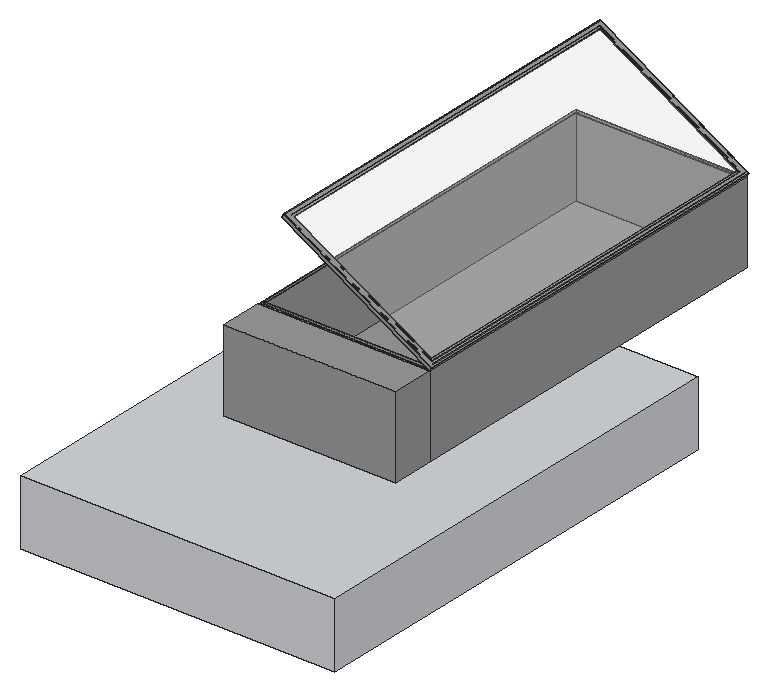
Revit family "Hager-Univers-IP55-D400-H2050-Cl.I-Steel_encl-DE-de", category Equipement électrique, Revit 2020
Family settings
  Hôte = Face
  Configuration du panneau = Deux colonnes, circuits au sein
  Cote de connecteur circulaire = Utiliser le diamètre
  Type d'élément = Tableau de raccordement
  Couper avec des vides une fois chargée = Non
  Partagée = Non
  Point de calcul de pièce = Non
Parameters (values of type "Bodenaufstellung IP55 B800 H2050 T400  - FR23V2")
  Width Control [instance] = if([EF000008 - Breite] > Min Width, [EF000008 - Breite], Min Width)  # 800 mm
  Commentaires du type = [HG000003 - Bereich]  # "Univers"
  Thickness Door [instance] = if([EF009171 - Materialstärke Tür/Deckel] > 3 mm, 3 mm, [EF009171 - Materialstärke Tür/Deckel])  # 1.5 mm
  Seal Frame Offset [instance] = 17 mm  # constant formula
  Plinth Visibility [instance] = [HG000027 - Sockelhöhe] > 0 mm  # yes
  Model = ""
  Min Width [instance] = 100 mm  # constant formula
  Min Height [instance] = 100 mm  # constant formula
  Min Depth [instance] = (2 * [EF009170 - Materialstärke Gehäuse]) + 1 mm  # 4 mm
  Internal Frame Depth [instance] = (Door System Depth * 0.5)  # 9 mm
  Height Control [instance] = if([EF000040 - Höhe] > Min Height, [EF000040 - Höhe], Min Height)  # 2050 mm
  HG000027 - Sockelhöhe = 200 mm
  HG000026 - Stehend auf dem Boden = yes
  HG000024 - Höhe des unteren Teils = 800 mm
  HG000023 - Gehäuse mit doppeltem Querschnitt = no
  HG000016 - 3D-Türsichtbarkeit [instance] = yes
  HG000015 - Sichtbarkeit der Türöffnung [instance] = no
  HG000014 - Tür rechts [instance] = yes
  HG000013 - Tür links [instance] = not([HG000014 - Tür rechts])  # no
  HG000012 - Türschwenkwinkel [instance] = 30.00°
  HG000010 - Asymmetrische Türen = no
  HG000009 - Doppelflügeligen Tür = no
  HG000006 - Unterputz = no
  HG000004 - Herstellerreferenz = "FR23V2"
  HG000003 - Bereich = "Univers"
  HG000002 - Mit tür = yes
  Frame Offset Bottom [instance] = 10 mm  # constant formula
  Frame Offset [instance] = 15 mm  # constant formula
  EF015940 - Deckel mit Überdruckentlastung = no
  EF011959 - Schutzart (NEMA) = ""
  EF009554 - Anzahl der Öffnungen für Flanschplatten = 6
  Fabricant = "Hager"  # constant formula
  EF009212 - Ausführung Deckel = "EV000116 - geschlossen"
  EF009171 - Materialstärke Tür/Deckel = 1.5 mm
  EF009170 - Materialstärke Gehäuse = 1.5 mm
  EF008873 - Nennstrom (In) = 800 A
  EF007800 - Geeignet für Blitzschutz = no
  EF006306 - Mit Schloss = no
  EF006244 - Transparenter Deckel/Tür = yes
  EF005474 - Schutzart (IP) = "EV006420 - IP55"
  EF004464 - Art der Tür = "EV002646 - Einzel"
  EF004427 - Anzahl der Module = 432
  EF004293 - Schlagfestigkeit = "EV008784 - IK10"
  EF003532 - Geeignet für Außengebrauch = no
  EF002950 - Breite in Teilungseinheiten = 24
  EF001613 - Funktionserhalt = "EV000494 - ohne"
  EF001596 - Werkstoff des Gehäuses = "EV000179 - Stahl"
  EF001131 - Innentiefe = 400 mm
  EF001088 - Anbaumöglichkeit = yes
  EF000437 - Anzahl der Leitungseinführungen = 6
  EF000339 - Art der Abdeckung = "EV004216 - Tür"
  EF000266 - Anzahl der Reihen = 12
  EF000218 - Einbautiefe = 0 mm
  EF000118 - Mit Montageplatte = no
  EF000116 - RAL-Nummer = "7035"
  EF000049 - Tiefe = 400 mm
  EF000040 - Höhe = 2050 mm
  EF000008 - Breite = 800 mm
  EF000007 - Farbe = "EV000270 - grau"
  EF000003 - Montageart = "EV012274 - Bodenaufstellung"
  Door System Leaf Tolerance [instance] = 1.5 mm  # constant formula
  Door System Depth [instance] = 18 mm  # constant formula
  Door Height [instance] = Height Control - [HG000027 - Sockelhöhe]  # 1850 mm
  Depth Control [instance] = if([EF000049 - Tiefe] > Min Depth, [EF000049 - Tiefe], Min Depth)  # 400 mm
  Default Elevation = 0 mm
  Connector Offset [instance] = Height Control / 2  # 1025 mm
  Bottom Top Plate Trim [instance] = 1.5 mm  # constant formula
  Plinth height Ctrl [instance] = if([HG000027 - Sockelhöhe] > 0 mm, [HG000027 - Sockelhöhe], 12 mm)  # 200 mm
Types (11, lengths in mm): name | Width Control | HG000010 - Asymmetrische Türen | HG000009 - Doppelflügeligen Tür | HG000004 - Herstellerreferenz | EF009554 - Anzahl der Öffnungen für Flanschplatten | EF006244 - Transparenter Deckel/Tür | EF004464 - Art der Tür | EF004427 - Anzahl der Module | EF000437 - Anzahl der Leitungseinführungen | EF000008 - Breite
  Bodenaufstellung IP55 B1050 H2050 T400  - FR24G2 | 1050 | yes | yes | "FR24G2" | 8 | no | "EV003602 - Doppel" | 576 | 8 | 1050
  Bodenaufstellung IP55 B1050 H2050 T400  - FR24V2 | 1050 | yes | yes | "FR24V2" | 8 | yes | "EV003602 - Doppel" | 576 | 8 | 1050
  Bodenaufstellung IP55 B1300 H2050 T400  - FR25G2 | 1300 | yes | yes | "FR25G2" | 10 | no | "EV003602 - Doppel" | 720 | 10 | 1300
  Bodenaufstellung IP55 B1300 H2050 T400  - FR25V2 | 1300 | yes | yes | "FR25V2" | 10 | yes | "EV003602 - Doppel" | 720 | 10 | 1300
  Bodenaufstellung IP55 B1550 H2050 T400  - FR26G2 | 1550 | yes | yes | "FR26G2" | 12 | no | "EV003602 - Doppel" | 864 | 12 | 1550
  Bodenaufstellung IP55 B1550 H2050 T400  - FR26V2 | 1550 | yes | yes | "FR26V2" | 12 | yes | "EV003602 - Doppel" | 864 | 12 | 1550
  Bodenaufstellung IP55 B300 H2050 T400  - FR21G2 | 300 | no | no | "FR21G2" | 2 | no | "EV002646 - Einzel" | 144 | 2 | 300
  Bodenaufstellung IP55 B550 H2050 T400  - FR22G2 | 550 | no | no | "FR22G2" | 4 | no | "EV002646 - Einzel" | 288 | 4 | 550
  Bodenaufstellung IP55 B550 H2050 T400  - FR22V2 | 550 | no | no | "FR22V2" | 4 | yes | "EV002646 - Einzel" | 288 | 4 | 550
  Bodenaufstellung IP55 B800 H2050 T400  - FR23G2 | 800 | no | no | "FR23G2" | 6 | no | "EV002646 - Einzel" | 432 | 6 | 800
  Bodenaufstellung IP55 B800 H2050 T400  - FR23V2 | 800 | no | no | "FR23V2" | 6 | yes | "EV002646 - Einzel" | 432 | 6 | 800
Reference planes
  plane 1 "Center (Front/Back)": y = 0
  plane 2: z = 0
  plane 3 "Center (Left/Right)": x = 0
  plane 4: z = 400
  plane 5: y = 201.5
  plane 6: y = 1125
  plane 7: y = 200
  plane 8: y = 2050
  plane 9: z = 0
  plane 10: x = -385
  plane 11: x = 385
  plane 12: x = 383.5
  plane 13: x = -383.5
  plane 14: y = 2048.5
  plane 15: x = -383
  plane 16: x = -400
  plane 17: x = 383
  plane 18: x = 400
  plane 19: x = 398.5
  plane 20: x = -398.5
  plane 21: y = 211.5
  plane 22: y = 2050
  plane 23: y = 2033.5
  plane 24: z = 382
  plane 25: z = 1.5
  plane 26: z = 380.5
  plane 27: z = 398.5
Forms (mm)
  Extrusion 1, solid
    sketch origin (0, 0, 0) x (1, 0, 0) y (0, 1, 0)
      loop
        line (-702.964, 1305) -> (-702.964, -811.445) -> (766.763, -811.445) -> (766.763, 1305) -> (-702.964, 1305)
    from 0 to -304.8
  Extrusion 2, solid, material "Hager_Steel_RAL7035_Light_Grey", visible <- "Plinth Visibility", detail levels medium+fine
    sketch origin (0, 0, 0) x (1, 0, 0) y (0, 1, 0)
      loop
        line (-400, 0) -> (400, 0) -> (400, 200) -> (-400, 200) -> (-400, 0)
    from 0 to 382
  Extrusion 3, solid, material "Hager_Steel_RAL7035_Light_Grey", detail levels medium+fine
    sketch origin (0, 0, 0) x (1, 0, 0) y (0, 1, 0)
      loop
        line (-400, 200) -> (400, 200) -> (400, 2050) -> (-400, 2050) -> (-400, 200)
    from 0 to 382
  Extrusion 4, void
    sketch origin (0, 0, 0) x (1, 0, 0) y (0, 1, 0)
      loop
        line (-398.5, 201.5) -> (398.5, 201.5) -> (398.5, 2048.5) -> (-398.5, 2048.5) -> (-398.5, 201.5)
    from 1.5 to 380.5
  Extrusion 5, void
    sketch origin (-381.607, -4572, 382) x (0, -1, 0) y (-1, 0, 0)
      loop
        line (-4783.5, 1.893) -> (-6605.5, 1.893) -> (-6605.5, -765.107) -> (-4783.5, -765.107) -> (-4783.5, 1.893)
    from 0 to 1.5 <- "EF009170 - Materialstärke Gehäuse"
  Extrusion 6, solid, material "Hager_Steel_RAL7035_Light_Grey", detail levels fine
    sketch origin (0, 0, 382) x (1, 0, 0) y (0, 1, 0)
      loop
        line (-383.5, 2033.5) -> (-383.5, 211.5) -> (383.5, 211.5) -> (383.5, 2033.5) -> (-383.5, 2033.5)
      loop
        line (-385, 210) -> (385, 210) -> (385, 2035) -> (-385, 2035) -> (-385, 210)
    from 0 to 9 <- "Internal Frame Depth"
  Extrusion 7, solid, material "Hager_Steel_RAL7035_Light_Grey", detail levels coarse
    sketch origin (0, 0, 0) x (1, 0, 0) y (0, 1, 0)
      loop
        line (-400, 0) -> (400, 0) -> (400, 2050) -> (-400, 2050) -> (-400, 0)
    from 0 to 400
  Sweep 8, void
    path in 3D
      loop
        line (-400, 200, 0) -> (400, 200, 0) -> (400, 200, 382) -> (-400, 200, 382) -> (-400, 200, 0)
    profile origin (-400, 200, 191) x (-1, 0, 0) y (0, -1, 0)
      loop
        line (0, 0) -> (0, 1.5) -> (-1.5, 1.5)
        arc (-1.5, 1.5) -> (-1.061, 0.439) -> (0, 0) r 1.5
Cuts and joins
  Extrusion 4, Extrusion 5 cuts Extrusion 3
  Sweep 8 cuts Extrusion 2
Lines and regions (mm)
  Masking region 1
    outline origin (0, 0, 0) x (1, 0, 0) y (0, 0, 1)
      loop
        line (-400, 400) -> (-400, 0) -> (400, 0) -> (400, 400) -> (-400, 400)
  Masking region 2, detail levels medium+fine
    outline origin (0, 140, 0) x (0, 1, 0) y (0, 0, 1)
      loop
        line (60, 0) -> (1910, 0) -> (1910, 382) -> (60, 382) -> (60, 0)
  Masking region 3, not visible, detail levels medium+fine
    outline origin (0, 297.922, 0) x (0, 1, 0) y (0, 0, 1)
      loop
        line (838.578, 0) -> (878.578, 0) -> (878.578, 388.5)
        arc (878.578, 388.5) -> (875.649, 395.571) -> (868.578, 398.5) r 10
        line (868.578, 398.5) -> (838.578, 398.5) -> (838.578, 0)
  Masking region 4, detail levels coarse
    outline origin (0, 0, 180) x (0, 1, 0) y (0, 0, 1)
      loop
        line (0, -180) -> (2050, -180) -> (2050, 220) -> (0, 220) -> (0, -180)
  Masking region 5, visible <- "Plinth Visibility", detail levels medium+fine
    outline origin (0, 52.24, 12.345) x (0, 0, -1) y (0, 1, 0)
      loop
        line (10.845, 147.76) -> (-368.155, 147.76)
        arc (-368.155, 147.76) -> (-368.594, 146.699) -> (-369.655, 146.26) r 1.5
        line (-369.655, 146.26) -> (-369.655, -52.24) -> (12.345, -52.24) -> (12.345, 146.26)
        arc (12.345, 146.26) -> (11.285, 146.699) -> (10.845, 147.76) r 1.5
  Masking region 6, detail levels medium+fine
    outline origin (-381.607, -4572, 382) x (-1, 0, 0) y (0, -1, 0)
      loop
        line (18.393, -6622) -> (18.393, -4772) -> (-781.607, -4772) -> (-781.607, -6622) -> (18.393, -6622)
  Masking region 7, visible <- "Plinth Visibility", detail levels medium+fine
    outline origin (-381.607, -4727, 382) x (-1, 0, 0) y (0, -1, 0)
      loop
        arc (16.893, -4927) -> (17.332, -4925.939) -> (18.393, -4925.5) r 1.5
        line (18.393, -4925.5) -> (18.393, -4727) -> (-781.607, -4727) -> (-781.607, -4925.5)
        arc (-781.607, -4925.5) -> (-780.546, -4925.939) -> (-780.107, -4927) r 1.5
        line (-780.107, -4927) -> (16.893, -4927)
  Masking region 8, detail levels coarse
    outline origin (-442.548, -4669.526, 382) x (-1, 0, 0) y (0, -1, 0)
      loop
        line (-42.548, -6719.526) -> (-42.548, -4669.526) -> (-842.548, -4669.526) -> (-842.548, -6719.526) -> (-42.548, -6719.526)
  sketch lines
    curve 1: line (-400, 200, 382) -> (-400, 200, 0)
    curve 2: line (400, 200, 382) -> (-400, 200, 382)
    curve 3: line (400, 200, 382) -> (400, 200, 0)
    curve 4: line (-400, 200, 0) -> (400, 200, 0)
Dimensions and locks
  "Depth Control": plane 4 to Extrusion 1
  "HG000027 - Sockelhöhe": plane 1 "Center (Front/Back)" to plane 7
  "EF009170 - Materialstärke Gehäuse": plane 5 to plane 7
  locked: connector elem to plane 3 "Center (Left/Right)"
  equal spacing: plane 8, plane 6, plane 7
  locked: connector elem to plane 6
  "EF009170 - Materialstärke Gehäuse": plane 8 to plane 14
  "EF009170 - Materialstärke Gehäuse": plane 10 to plane 13
  "EF009170 - Materialstärke Gehäuse": plane 12 to plane 11
  "Frame Offset": plane 20 to plane 13
  "Frame Offset": plane 12 to plane 19
  "EF009170 - Materialstärke Gehäuse": plane 16 to plane 20
  "EF009170 - Materialstärke Gehäuse": plane 19 to plane 18
  "Seal Frame Offset": plane 16 to plane 15
  "Seal Frame Offset": plane 17 to plane 18
  "Frame Offset Bottom": plane 21 to plane 5
  "Frame Offset": plane 14 to plane 23
  equal spacing: plane 16, plane 3 "Center (Left/Right)", plane 18
  "Width Control": plane 16 to plane 18
  "EF009170 - Materialstärke Gehäuse": plane 4 to plane 27
  "EF009170 - Materialstärke Gehäuse": plane 24 to plane 26
  "EF009170 - Materialstärke Gehäuse": plane 25 to level
  "Door System Depth": plane 4 to plane 24
  "Height Control": plane 1 "Center (Front/Back)" to Extrusion 7 sketch curve
  "Height Control": Masking region 4 sketch curve to plane 1 "Center (Front/Back)"
  "Height Control": plane 1 "Center (Front/Back)" to plane 22
  "Bottom Top Plate Trim": profile plane to Sweep 8 sketch curve
  "Bottom Top Plate Trim": Sweep 8 sketch curve to profile plane
  "Plinth height Ctrl": plane 1 "Center (Front/Back)" to Extrusion 2 sketch curve
  "Plinth height Ctrl": Masking region 5 sketch curve to plane 1 "Center (Front/Back)"
  "Plinth height Ctrl": plane 1 "Center (Front/Back)" to Masking region 7 sketch curve
  "Thickness Door": Extrusion 6 sketch curve to Extrusion 6 sketch curve  (x3)
  "Thickness Door": cut or joined group of Extrusion 3, Extrusion 4, Extrusion 5 to Extrusion 6 sketch curve
  radius of Masking region 3 sketch curve = 10 mm
  "Bottom Top Plate Trim": radius of Masking region 5 sketch curve  (x2)
  "Bottom Top Plate Trim": radius of Sweep 8 sketch curve
  "Bottom Top Plate Trim": radius of Masking region 7 sketch curve  (x2)
  aligned and locked: plane 2 to Extrusion 1
  aligned and locked: level to Extrusion 1
  aligned and locked: level to Masking region 1 sketch curve
  aligned and locked: Masking region 1 sketch curve to plane 18
  aligned and locked: Masking region 1 sketch curve to plane 16
  aligned and locked: plane 7 to Masking region 2 sketch curve
  aligned and locked: level to Masking region 3 sketch curve
  aligned and locked: Masking region 3 sketch curve to plane 27
  aligned and locked: level to Masking region 2 sketch curve
  aligned and locked: plane 1 "Center (Front/Back)" to Extrusion 2 sketch curve
  aligned and locked: Extrusion 3 sketch curve to plane 7
  aligned and locked: plane 16 to Extrusion 3 sketch curve
  aligned and locked: plane 18 to Extrusion 3 sketch curve
  aligned and locked: plane 20 to Extrusion 4 sketch curve
  aligned and locked: plane 19 to Extrusion 4 sketch curve
  aligned and locked: Extrusion 4 sketch curve to plane 5
  aligned and locked: Extrusion 4 to plane 25
  aligned and locked: plane 26 to Extrusion 4
  aligned and locked: plane 24 to Extrusion 3
  aligned and locked: Extrusion 5 sketch curve to plane 21
  aligned and locked: Extrusion 5 sketch curve to plane 13
  aligned and locked: Extrusion 5 sketch curve to plane 12
  aligned and locked: plane 18 to Extrusion 7 sketch curve
  aligned and locked: plane 1 "Center (Front/Back)" to Extrusion 7 sketch curve
  aligned and locked: plane 16 to Extrusion 7 sketch curve
  aligned and locked: plane 4 to Extrusion 7
  aligned and locked: Extrusion 7 to level
  aligned and locked: level to Masking region 4 sketch curve
  aligned and locked: Masking region 4 sketch curve to plane 1 "Center (Front/Back)"
  aligned and locked: Masking region 4 sketch curve to plane 4
  aligned and locked: nested 1 to level
  aligned and locked: nested 1 to plane 16
  aligned and locked: plane 8 to Extrusion 3 sketch curve
  aligned and locked: plane 23 to Extrusion 5 sketch curve
  aligned and locked: plane 14 to Extrusion 4 sketch curve
  aligned and locked: Masking region 2 sketch curve to plane 8
  aligned and locked: level to Masking region 5 sketch curve
  aligned and locked: plane 16 to Extrusion 2 sketch curve
  aligned and locked: plane 18 to Extrusion 2 sketch curve
  aligned and locked: Masking region 5 sketch curve to plane 24
  aligned and locked: Masking region 2 sketch curve to plane 24
  aligned and locked: plane 24 to Extrusion 2
  aligned and locked: profile plane to Sweep 8 sketch curve  (x2)
  aligned and locked: Masking region 6 sketch curve to plane 18
  aligned and locked: Masking region 6 sketch curve to plane 22
  aligned and locked: Masking region 6 sketch curve to plane 16
  aligned and locked: plane 8 to plane 22
  aligned and locked: Masking region 6 sketch curve to plane 7
  aligned and locked: Masking region 7 sketch curve to plane 16
  aligned and locked: Masking region 7 sketch curve to plane 1 "Center (Front/Back)"
  aligned and locked: Masking region 7 sketch curve to plane 18
  aligned and locked: Masking region 8 sketch curve to plane 1 "Center (Front/Back)"
  aligned and locked: Masking region 8 sketch curve to plane 18
  aligned and locked: Masking region 8 sketch curve to plane 22
  aligned and locked: Masking region 8 sketch curve to plane 16
  aligned and locked: nested 2 to plane 7
  aligned and locked: plane 3 "Center (Left/Right)" to nested 2
  aligned and locked: nested 2 to plane 24
  aligned and locked: Extrusion 6 sketch curve to cut or joined group of Extrusion 3, Extrusion 4, Extrusion 5  (x4)
Automatic sketch dimensions
  Extrusion 1 sketch curve to Extrusion 1 sketch curve = 1469.727 mm
  Extrusion 1 sketch curve to Extrusion 1 sketch curve = 2116.445 mm
  Masking region 1 sketch curve to plane 4 = 0 mm
  plane 6 to Masking region 3 sketch curve = 11.5 mm
  Masking region 3 sketch curve to Masking region 3 sketch curve = 30 mm
  Masking region 5 sketch curve to plane 1 "Center (Front/Back)" = 0 mm
Nested families
  nested 1: "Hager_Enclosure_Symbol" at (-400, 0, 0) x (1, 0, 0) z (0, -1, 0), Height <- "Depth Control", Width <- "Width Control", type "Hager_Enclosure_Symbol"
    with Width_Ctrl 800 mm, Width 800 mm, Height_Ctrl 400 mm, Height 400 mm, A_Width_Int 26.25 mm, A_Width 315 mm, A_Height_Ctrl 350 mm, A_Height 350 mm
  nested 2: "EC000058_Univers_Door" at (0, 200, 382) x (1, 0, 0) z (0, 1, 0), Leaf_Tolerance <- "Door System Leaf Tolerance", Angle <- "HG000012 - Türschwenkwinkel", Door_Depth <- "Door System Depth", Door_Left <- "HG000013 - Tür links", Transparent <- "EF006244 - Transparenter Deckel/Tür", Assymetrical <- "HG000010 - Asymmetrische Türen", Width <- "Width Control", Clearance <- "HG000015 - Sichtbarkeit der Türöffnung", Double <- "HG000009 - Doppelflügeligen Tür", 3d_Door <- "HG000016 - 3D-Türsichtbarkeit", Lock_Visibility <- "EF006306 - Mit Schloss", Width_Ctrl <- "Width Control", Door_Right <- "HG000014 - Tür rechts", Door <- "HG000002 - Mit tür", Height <- "Door Height", Thickness <- "Thickness Door", type "EC000058_Univers_Door", detail levels medium+fine
    with min_wh 4 mm, Width_Ctrl 800 mm, Width 800 mm, Transparent yes, Thickness 1.5 mm, Seal_Material Hager_Rubber, Lock_Visibility no, Lock_Material Hager_Plastic_RAL9005_Jet_Black, Leaf_Width 800 mm, Leaf_Tolerance_External_Sides 0 mm, Leaf_Tolerance 1.5 mm, Leaf_Offset 0 mm, Leaf_Height 1847 mm, Leaf_2_Width 800 mm, Leaf_2_Offset 400 mm, Leaf_1_Width 800 mm, Leaf_1_Offset 400 mm, Height_Ctrl 1850 mm, Height 1850 mm, Glass_Material Hager_Glass, Double_Clearance_Ctrl no, Double no, Door_Right_Ctrl yes, Door_Right yes, Door_Material Hager_Steel_RAL7035_Light_Grey, Door_Left_Ctrl no, Door_Left no, Door_Depth 18 mm, Door yes, Clearance_Material Hager_Clearance, Clearance_Depth 800 mm, Clearance_Ctrl no, Clearance no, Assymetrical no, Angle 30.00°, 3d_Door yes
Connectors
  electrical at (0, 1125, 0)
    settings: on plane 9, index 1, voltage 0 V, apparent load 0 VA, apparent load phase1 0 VA, apparent load phase2 0 VA, apparent load phase3 0 VA, power factor 1, load classification "Other", number of poles 1, system type 30, power factor state 1, is connector primary yes, connector utility no, sub classification motor no, connector description ""
Definition of nested family "EC000058_Univers_Door"
  Parameters (values of type "EC000058_Univers_Door")
    min_wh [instance] = (2 * Thickness) + 1 mm  # 11 mm
    Width_Ctrl [instance] = 400 mm
    Width [instance] = 500 mm
    Transparent [instance] = yes
    Thickness [instance] = 5 mm
    Seal_Material [instance] = none
    Lock_Visibility [instance] = yes
    Lock_Material [instance] = none
    Leaf_Width [instance] = if((Width_Ctrl - 2 * Leaf_Tolerance_External_Sides) > 0 mm, (Width_Ctrl - 2 * Leaf_Tolerance_External_Sides), min_wh)  # 400 mm
    Leaf_Tolerance_External_Sides [instance] = 0 mm  # constant formula
    Leaf_Tolerance [instance] = 1.5 mm
    Leaf_Offset [instance] = 0 mm  # constant formula
    Leaf_Height [instance] = if((Height_Ctrl - 2 * Leaf_Tolerance) > 0 mm, (Height_Ctrl - 2 * Leaf_Tolerance), min_wh)  # 497 mm
    Leaf_2_Width [instance] = if(and(and(Double, Assymetrical), Door_Left), (Leaf_Width / 3) - (Leaf_Tolerance / 2), if(and(and(Double, Assymetrical), Door_Right), (Leaf_Width / 3) * 2 - (Leaf_Tolerance / 2), if(and(Double, not(Assymetrical)), (Leaf_Width / 2) - Leaf_Tolerance, Leaf_Width)))  # 400 mm
    Leaf_2_Offset [instance] = if(and(Double, Assymetrical), Leaf_2_Width / 2, if(and(Double, not(Assymetrical)), Leaf_Width / 4, Leaf_Width / 2))  # 200 mm
    Leaf_1_Width [instance] = if(and(and(Double, Assymetrical), Door_Right), (Leaf_Width / 3) - (Leaf_Tolerance / 2), if(and(and(Double, Assymetrical), Door_Left), (Width / 3) * 2 - (Leaf_Tolerance / 2), if(and(Double, not(Assymetrical)), (Leaf_Width / 2) - Leaf_Tolerance, Leaf_Width)))  # 400 mm
    Leaf_1_Offset [instance] = if(and(Double, Assymetrical), Leaf_1_Width / 2, if(and(Double, not(Assymetrical)), Leaf_Width / 4, Leaf_Width / 2))  # 200 mm
    Height_Ctrl [instance] = if(Height > min_wh, Height, min_wh)  # 500 mm
    Height [instance] = 500 mm
    Glass_Material [instance] = none
    Double_Clearance_Ctrl [instance] = and(Double, Clearance)  # no
    Double [instance] = no
    Door_Right_Ctrl [instance] = and(or(Door_Right, Double), Door)  # yes
    Door_Right [instance] = yes
    Door_Material [instance] = none
    Door_Left_Ctrl [instance] = and(or(Door_Left, Double), Door)  # no
    Door_Left [instance] = no
    Door_Depth [instance] = 30 mm
    Door [instance] = yes
    Default Elevation = 1219.2 mm
    Clearance_Material [instance] = none
    Clearance_Depth [instance] = if(Leaf_1_Width > Leaf_2_Width, Leaf_1_Width, Leaf_2_Width)  # 400 mm
    Clearance_Ctrl [instance] = and(not(Double), Clearance)  # yes
    Clearance [instance] = yes
    Assymetrical [instance] = yes
    Angle [instance] = 30.00°
    3d_Door [instance] = yes
  Reference planes
    plane 1 "Center (Front/Back)": y = 0
    plane 2 "Bottom": z = 0
    plane 3 "Center (Left/Right)": x = 0
    plane 4: z = 500
    plane 5: x = -200
    plane 6: x = 200
    plane 7: z = 500
    plane 8: x = -200
    plane 9: z = 0
    plane 10: x = 200
    plane 11: y = 0
    plane 12: z = 1.5
    plane 13: x = -600
    plane 14: y = -400
    plane 15: x = 600
    plane 16: x = 0
    plane 17: x = 0
    plane 18: x = -200
    plane 19: x = 200
    plane 20: z = 498.5
  Forms (mm)
    Extrusion 1, solid, material <- "Clearance_Material", visible <- "Double_Clearance_Ctrl"
      sketch origin (1200, 0, 0) x (1, 0, 0) y (0, 0, -1)
        loop
          line (-1800, -498.5) -> (-600, -498.5) -> (-600, 0) -> (-1800, 0) -> (-1800, -498.5)
      from 0 to -400
  Dimensions and locks
    equal spacing: plane 5, plane 3 "Center (Left/Right)", plane 6
    "Width_Ctrl": plane 5 to plane 6
    "Leaf_Offset": plane 5 to plane 8
    "Leaf_Offset": plane 6 to plane 10
    "Leaf_Offset": plane 9 to level
    "Leaf_Offset": plane 4 to plane 7
    "Height_Ctrl": plane 4 to level
    "Leaf_Tolerance": plane 12 to plane 9
    locked: plane 11 to plane 1 "Center (Front/Back)"
    "Leaf_1_Offset": plane 18 to plane 16
    "Leaf_2_Offset": plane 17 to plane 19
    "Leaf_1_Width": plane 13 to plane 8
    "Leaf_2_Width": plane 10 to plane 15
    "Clearance_Depth": plane 14 to plane 1 "Center (Front/Back)"
    "Leaf_Tolerance_External_Sides": plane 8 to plane 18
    "Leaf_Tolerance_External_Sides": plane 19 to plane 10
    "Leaf_Tolerance": plane 7 to plane 20
    aligned and locked: level to plane 2 "Bottom"
    aligned and locked: nested 1 to plane 16
    aligned and locked: nested 2 to plane 17
    aligned and locked: Extrusion 1 to plane 13
    aligned and locked: plane 15 to Extrusion 1
    aligned and locked: Extrusion 1 to plane 14
    aligned and locked: plane 12 to nested 1
    aligned and locked: nested 2 to plane 12
    aligned and locked: Extrusion 1 to plane 11
    aligned and locked: plane 20 to Extrusion 1
    aligned and locked: nested 2 to plane 11
    aligned and locked: nested 1 to plane 11
  Automatic sketch dimensions
    Extrusion 1 sketch curve to level = 0 mm
    plane 5 to Extrusion 1 sketch curve = 400 mm
    plane 6 to Extrusion 1 sketch curve = 400 mm
    Extrusion 1 sketch curve to plane 4 = 1.5 mm
  Nested families
    nested 1: "EC000058_Univers_Door_Leaf" at (0, 0, 1.5), Width <- "Leaf_1_Width", visible <- "Door_Left_Ctrl", Leaf_Height <- "Leaf_Height", Angle <- "Angle", 3d_Door <- "3d_Door", Transparent <- "Transparent", Clearance Material <- "Clearance_Material", Clearance <- "Clearance_Ctrl", Door_Material <- "Door_Material", Glass_Material <- "Glass_Material", Door_Depth <- "Door_Depth", Lock_Material <- "Lock_Material", Seal_Material <- "Seal_Material", Lock_Visibility <- "Lock_Visibility", Thickness <- "Thickness", type "EC000058_Univers_Door_Leaf"
      with Width 400 mm, Transparent_Glass_Offset 30 mm, Transparent_Ctrl yes, Transparent yes, Thickness 5 mm, Standard no, Seal_Material none, Seal_D2 8 mm, Seal_D1 1 mm, Offset_Internal_Frame 10 mm, Lock_Width 20 mm, Lock_Visibility_3d yes, Lock_Visibility yes, Lock_Thickness_3 3 mm, Lock_Thickness_2 1 mm, Lock_Thickness_1 3 mm, Lock_Radius_Offset_2 16 mm, Lock_Radius_Offset_1 15 mm, Lock_Radius_2 5 mm, Lock_Radius 6 mm, Lock_Offset 5 mm, Lock_Material none, Lock_Height 80 mm, Lock_Cover_Top_Offset_2d 17 mm, Lock_Cover_Height -65 mm, Leaf_Height 497 mm, Internal_Seal_Thickness 8 mm, Internal_Seal_Depth_2 4.5 mm, Internal_Frame_Depth 25 mm, Glass_Thickness -1 mm, Glass_Offset -2 mm, Glass_Material none, Door_Material none, Door_Depth 30 mm, Clearance Material none, Clearance yes, Angle_Ctrl 30.00°, Angle 30.00°, 3d_Door yes
    nested 2: "EC000058_Univers_Door_Leaf" at (0, 0, 1.5) x (-1, 0, 0) z (0, 0, 1), Width <- "Leaf_2_Width", visible <- "Door_Right_Ctrl", Leaf_Height <- "Leaf_Height", Angle <- "Angle", 3d_Door <- "3d_Door", Transparent <- "Transparent", Clearance Material <- "Clearance_Material", Clearance <- "Clearance_Ctrl", Door_Material <- "Door_Material", Glass_Material <- "Glass_Material", Door_Depth <- "Door_Depth", Lock_Material <- "Lock_Material", Seal_Material <- "Seal_Material", Lock_Visibility <- "Lock_Visibility", Thickness <- "Thickness", type "EC000058_Univers_Door_Leaf"
      with Width 400 mm, Transparent_Glass_Offset 30 mm, Transparent_Ctrl yes, Transparent yes, Thickness 5 mm, Standard no, Seal_Material none, Seal_D2 8 mm, Seal_D1 1 mm, Offset_Internal_Frame 10 mm, Lock_Width 20 mm, Lock_Visibility_3d yes, Lock_Visibility yes, Lock_Thickness_3 3 mm, Lock_Thickness_2 1 mm, Lock_Thickness_1 3 mm, Lock_Radius_Offset_2 16 mm, Lock_Radius_Offset_1 15 mm, Lock_Radius_2 5 mm, Lock_Radius 6 mm, Lock_Offset 5 mm, Lock_Material none, Lock_Height 80 mm, Lock_Cover_Top_Offset_2d 17 mm, Lock_Cover_Height -65 mm, Leaf_Height 497 mm, Internal_Seal_Thickness 8 mm, Internal_Seal_Depth_2 4.5 mm, Internal_Frame_Depth 25 mm, Glass_Thickness -1 mm, Glass_Offset -2 mm, Glass_Material none, Door_Material none, Door_Depth 30 mm, Clearance Material none, Clearance yes, Angle_Ctrl 30.00°, Angle 30.00°, 3d_Door yes
  Definition of nested family "EC000058_Univers_Door_Leaf"
    Parameters (values of type "EC000058_Univers_Door_Leaf")
      Width [instance] = 2000 mm
      Transparent_Glass_Offset [instance] = 30 mm
      Transparent_Ctrl [instance] = and(Transparent, [3d_Door])  # yes
      Transparent [instance] = yes
      Thickness [instance] = 5 mm
      Standard [instance] = and(not(Transparent), [3d_Door])  # no
      Seal_Material [instance] = none
      Seal_D2 [instance] = 8 mm  # constant formula
      Seal_D1 [instance] = 1 mm  # constant formula
      Offset_Internal_Frame [instance] = 10 mm  # constant formula
      Lock_Width [instance] = 20 mm  # constant formula
      Lock_Visibility_3d [instance] = and(Lock_Visibility, [3d_Door])  # yes
      Lock_Visibility [instance] = yes
      Lock_Thickness_3 [instance] = 3 mm  # constant formula
      Lock_Thickness_2 [instance] = 1 mm  # constant formula
      Lock_Thickness_1 [instance] = 3 mm  # constant formula
      Lock_Radius_Offset_2 [instance] = Lock_Radius_Offset_1 + 1 mm  # 16 mm
      Lock_Radius_Offset_1 [instance] = 15 mm  # constant formula
      Lock_Radius_2 [instance] = Lock_Radius - 1 mm  # 5 mm
      Lock_Radius [instance] = 6 mm  # constant formula
      Lock_Offset [instance] = 5 mm  # constant formula
      Lock_Material [instance] = none
      Lock_Height [instance] = 80 mm  # constant formula
      Lock_Cover_Top_Offset_2d [instance] = Lock_Radius_Offset_2 + 1 mm  # 17 mm
      Lock_Cover_Height [instance] = -(Lock_Height - Lock_Radius_Offset_1)  # -65 mm
      Leaf_Height [instance] = 2720.336 mm
      Internal_Seal_Thickness [instance] = 8 mm  # constant formula
      Internal_Seal_Depth_2 [instance] = 4.5 mm  # constant formula
      Internal_Frame_Depth [instance] = if(Door_Depth - Thickness > 5 mm, Door_Depth - Thickness, 5 mm)  # 25 mm
      Glass_Thickness [instance] = if(Thickness > 15 mm, Glass_Offset + 10 mm, -1 mm)  # -1 mm
      Glass_Offset [instance] = if(Thickness > 15 mm, -(Thickness + 10 mm) / 2, -2 mm)  # -2 mm
      Glass_Material [instance] = none
      Door_Material [instance] = none
      Door_Depth [instance] = 30 mm
      Default Elevation = 0 mm
      Clearance Material [instance] = none
      Clearance [instance] = yes
      Angle_Ctrl [instance] = if(Angle > 180.00°, 180.00°, Angle)  # 90.00°
      Angle [instance] = 90.00°
      3d_Door [instance] = yes
    Reference planes
      plane 1 "Center (Front/Back)": y = 0
      plane 2: z = 0
      plane 3 "Center (Left/Right)": x = 0
      plane 4: y = 2000
      plane 5: x = -1000
      plane 6: x = 1000
      plane 7: x = -3000
      plane 8: z = 2720.336
      plane 9: z = 30
      plane 10: z = 2690.336
      plane 11: x = 970
      plane 12: x = -970
      plane 13: y = -3
      plane 14: z = 107.833
      plane 15: y = -5
      plane 16: y = -223.314
      plane 17: x = -1000
      plane 18: z = 1360.168
      plane 19: y = 30
    Forms (mm)
      Extrusion 1, solid, material <- "Clearance Material", visible <- "Clearance"
        sketch origin (0, 0, 0) x (1, 0, 0) y (0, 0, 1)
          loop
            line (-3000, 2720.336) -> (-3000, 0) -> (1000, 0) -> (1000, 2720.336) -> (-3000, 2720.336)
        from 0 to -2000
      Extrusion 2, solid, material <- "Door_Material", visible <- "Standard", detail levels medium+fine
        sketch origin (-1000, 0, 0) x (0, 1, 0) y (-1, 0, 0)
          loop
            line (0, 30) -> (0, 25) -> (2000, 25) -> (2000, 30) -> (0, 30)
        from 0 to 2720.336 <- "Leaf_Height"
      Extrusion 3, solid, material <- "Door_Material", visible <- "Transparent_Ctrl", detail levels medium+fine
        sketch origin (-1000, 0, 0) x (0, 1, 0) y (-1, 0, 0)
          loop
            line (0, 25) -> (2000, 25) -> (2000, 30) -> (0, 30) -> (0, 25)
        from 0 to 2720.336 <- "Leaf_Height"
      Extrusion 4, void
        sketch origin (-1025, 2000, 0) x (0, 1, 0) y (0, 0, -1)
          loop
            line (-30, -2690.336) -> (-30, -30) -> (-1970, -30) -> (-1970, -2690.336) -> (-30, -2690.336)
        from 0 to 5 <- "Thickness"
      Sweep 5, solid, material <- "Seal_Material", visible <- "Transparent_Ctrl", detail levels fine
        path in 3D
          loop
            line (-1025, 30, 30) -> (-1025, 30, 2690.336) -> (-1025, 1970, 2690.336) -> (-1025, 1970, 30) -> (-1025, 30, 30)
        profile origin (-1025, 1000, 30) x (1, 0, 0) y (0, 0, 1)
          loop
            line (0, 0) -> (0, -8) -> (1, -8) -> (1, 0) -> (0, 0)
      Extrusion 6, solid, material <- "Glass_Material", visible <- "Transparent_Ctrl", detail levels medium+fine
        sketch origin (-1030, 0, 0) x (0, 1, 0) y (0, 0, -1)
          loop
            line (1970, -2690.336) -> (1970, -30) -> (30, -30) -> (30, -2690.336) -> (1970, -2690.336)
        from -2 <- "Glass_Offset" to -1 <- "Glass_Thickness"
      Extrusion 7, solid, material <- "Door_Material", visible <- "3d_Door", detail levels medium+fine
        sketch origin (-1025, 2000, 0) x (0, -1, 0) y (0, 0, -1)
          loop
            line (0, -2720.336) -> (2000, -2720.336) -> (2000, 0) -> (0, 0) -> (0, -2720.336)
          loop
            line (1995, -5) -> (5, -5) -> (5, -2715.336) -> (1995, -2715.336) -> (1995, -5)
        from 0 to 25 <- "Internal_Frame_Depth"
      Sweep 8, solid, material <- "Seal_Material", visible <- "Transparent_Ctrl", detail levels fine
        path in 3D
          loop
            line (-1025, 0, 0) -> (-1025, 2000, 0) -> (-1025, 2000, 2720.336) -> (-1025, 0, 2720.336) -> (-1025, 0, 0)
        profile origin (-1025, 0, 1360.168) x (1, 0, 0) y (0, 1, 0)
          loop
            line (0, 10) -> (2.975, 10)
            arc (2.975, 10) -> (4.053, 10.447) -> (4.5, 11.525) r 1.525
            line (4.5, 11.525) -> (4.5, 16.527)
            arc (4.5, 16.527) -> (4.069, 17.569) -> (3.027, 18) r 1.473
            line (3.027, 18) -> (0, 18) -> (0, 10)
      Extrusion 9, solid, material <- "Lock_Material", visible <- "Lock_Visibility_3d", detail levels fine
        sketch origin (-1030, 0, 0) x (0, 1, 0) y (0, 0, -1)
          loop
            arc (1993.5, -1400.168) -> (1994.561, -1399.729) -> (1995, -1398.668) r 1.5
            line (1995, -1398.668) -> (1995, -1320.168) -> (1975, -1320.168) -> (1975, -1398.668)
            arc (1975, -1398.668) -> (1975.439, -1399.729) -> (1976.5, -1400.168) r 1.5
            line (1976.5, -1400.168) -> (1993.5, -1400.168)
        from 3 <- "Lock_Thickness_1" to 0
      Blend 10, solid, material <- "Lock_Material", visible <- "Lock_Visibility_3d", detail levels fine
        base sketch origin (-1033, 0, 0) x (0, 1, 0) y (0, 0, -1)
          loop
            line (1975, -1320.168) -> (1975, -1398.668)
            arc (1975, -1398.668) -> (1975.439, -1399.729) -> (1976.5, -1400.168) r 1.5
            line (1976.5, -1400.168) -> (1993.5, -1400.168)
            arc (1993.5, -1400.168) -> (1994.561, -1399.729) -> (1995, -1398.668) r 1.5
            line (1995, -1398.668) -> (1995, -1320.168) -> (1975, -1320.168)
        top sketch origin (-1033, 0, 0) x (0, 1, 0) y (0, 0, -1)
          loop
            line (1976, -1320.168) -> (1976, -1398.668)
            arc (1976, -1398.668) -> (1976.146, -1399.022) -> (1976.5, -1399.168) r 0.5
            line (1976.5, -1399.168) -> (1993.5, -1399.168)
            arc (1993.5, -1399.168) -> (1993.854, -1399.022) -> (1994, -1398.668) r 0.5
            line (1994, -1398.668) -> (1994, -1320.168) -> (1976, -1320.168)
        from 0 to 1 <- "Lock_Thickness_2"
      Blend 11, solid, material <- "Lock_Material", visible <- "Lock_Visibility_3d", detail levels fine
        base sketch origin (-1034, 0, 0) x (0, 1, 0) y (0, 0, -1)
          loop
            line (1978, -1320.168) -> (1978, -1384.168)
            arc (1978, -1384.168) -> (1985, -1391.168) -> (1992, -1384.168) r 7
            line (1992, -1384.168) -> (1992, -1320.168) -> (1978, -1320.168)
        top sketch origin (-1034, 0, 0) x (0, 1, 0) y (0, 0, -1)
          loop
            line (1991, -1320.168) -> (1979, -1320.168) -> (1979, -1383.168)
            arc (1979, -1383.168) -> (1985, -1389.168) -> (1991, -1383.168) r 6
            line (1991, -1383.168) -> (1991, -1320.168)
        from 0 to 3 <- "Lock_Thickness_3"
      Extrusion 12, solid, material <- "Lock_Material", visible <- "Lock_Visibility_3d", detail levels fine
        sketch origin (-1030, 1975, 1320.168) x (1, 0, 0) y (0, -1, 0)
          loop
            line (-7, -19) -> (-7, -1) -> (0, -1) -> (0, 0) -> (-8, 0) -> (-8, -20) -> (0, -20) -> (0, -19) -> (-7, -19)
        from 0 to -65 <- "Lock_Cover_Height"
      Extrusion 13, void
        sketch origin (-1038, 1995, 1320.168) x (-1, 0, 0) y (0, 0, -1)
          loop
            line (-5, -65) -> (0, -65) -> (-5, -60) -> (-5, -65)
        from 0 to 20 <- "Lock_Width"
      Extrusion 14, void
        sketch origin (-1038, 1975, 1320.168) x (0, -1, 0) y (0, 0, -1)
          loop
            circle (-10, -15.995) r 6
          loop
            circle (-10, -15.995) r 5
        from 0 to 2
      Extrusion 15, solid, material <- "Lock_Material", visible <- "Lock_Visibility_3d", detail levels medium
        sketch origin (-1030, 0, 0) x (0, 1, 0) y (0, 0, -1)
          loop
            arc (1993.5, -1400.168) -> (1994.561, -1399.729) -> (1995, -1398.668) r 1.5
            line (1995, -1398.668) -> (1995, -1320.168) -> (1975, -1320.168) -> (1975, -1398.668)
            arc (1975, -1398.668) -> (1975.439, -1399.729) -> (1976.5, -1400.168) r 1.5
            line (1976.5, -1400.168) -> (1993.5, -1400.168)
        from 8 to 0
    Cuts and joins
      Extrusion 4 cuts Extrusion 3
      Extrusion 13, Extrusion 14 cuts Extrusion 9
      Extrusion 14 cuts Blend 11
      Extrusion 13, Extrusion 14 cuts Extrusion 12
      joined: Extrusion 9, Blend 10, Blend 11, Extrusion 12
      Extrusion 14 cuts Extrusion 15
    Lines and regions (mm)
      Masking region 1, visible <- "Lock_Visibility", detail levels fine
        outline origin (0, 0, 0) x (0, 1, 0) y (0, 0, 1)
          loop
            line (30, 1320.168) -> (33, 1320.168) -> (33, 1400.168) -> (30, 1400.168) -> (30, 1320.168)
      Masking region 2, visible <- "Lock_Visibility", detail levels fine
        outline origin (0, 3.143, 0) x (0, 1, 0) y (0, 0, 1)
          loop
            line (29.857, 1354.168) -> (30.857, 1354.168) -> (30.857, 1366.168) -> (29.857, 1366.168) -> (29.857, 1354.168)
      Masking region 3, detail levels medium+fine
        outline origin (0, 0, 0) x (0, 1, 0) y (0, 0, 1)
          loop
            line (0, 0) -> (30, 0) -> (30, 2720.336) -> (0, 2720.336) -> (0, 0)
      Masking region 4, detail levels medium+fine
        outline origin (0, 0, 0) x (1, 0, 0) y (0, 0, 1)
          loop
            line (-1000, 2720.336) -> (-1000, 0) -> (1000, 0) -> (1000, 2720.336) -> (-1000, 2720.336)
      Masking region 5, visible <- "Lock_Visibility", detail levels fine
        outline origin (-47.116, 0, 0) x (1, 0, 0) y (0, 0, 1)
          loop
            arc (1024.616, 1399.168) -> (1023.556, 1398.729) -> (1023.116, 1397.668) r 1.5
            line (1023.116, 1397.668) -> (1023.116, 1320.168) -> (1041.116, 1320.168) -> (1041.116, 1397.668)
            arc (1041.116, 1397.668) -> (1040.677, 1398.729) -> (1039.616, 1399.168) r 1.5
            line (1039.616, 1399.168) -> (1024.616, 1399.168)
      Masking region 6, visible <- "Lock_Visibility", detail levels medium+fine
        outline origin (-25, 0, 0) x (1, 0, 0) y (0, 0, 1)
          loop
            arc (1001.5, 1400.168) -> (1000.439, 1399.729) -> (1000, 1398.668) r 1.5
            line (1000, 1398.668) -> (1000, 1320.168) -> (1020, 1320.168) -> (1020, 1398.668)
            arc (1020, 1398.668) -> (1019.561, 1399.729) -> (1018.5, 1400.168) r 1.5
            line (1018.5, 1400.168) -> (1001.5, 1400.168)
      Masking region 7, visible <- "Lock_Visibility", detail levels fine
        outline origin (-73.735, 0, 0) x (1, 0, 0) y (0, 0, 1)
          loop
            line (1051.735, 1382.168) -> (1065.735, 1382.168) -> (1065.735, 1384.168)
            arc (1065.735, 1384.168) -> (1058.735, 1391.168) -> (1051.735, 1384.168) r 7
            line (1051.735, 1384.168) -> (1051.735, 1382.168)
      Masking region 8, visible <- "Lock_Visibility", detail levels fine
        outline origin (-73.735, 0, 0) x (1, 0, 0) y (0, 0, 1)
          loop
            line (1052.735, 1382.168) -> (1064.735, 1382.168) -> (1064.735, 1383.168)
            arc (1064.735, 1383.168) -> (1058.735, 1389.168) -> (1052.735, 1383.168) r 6
            line (1052.735, 1383.168) -> (1052.735, 1382.168)
      Masking region 9, visible <- "Lock_Visibility", detail levels fine
        outline origin (-25, 0, 0) x (1, 0, 0) y (0, 0, 1)
          loop
            line (1020, 1320.168) -> (1020, 1382.168) -> (1000, 1382.168) -> (1000, 1320.168) -> (1020, 1320.168)
      Masking region 10, detail levels medium+fine
        outline origin (0, 0, 0) x (1, 0, 0) y (0, 0, 1)
          loop
            circle (985, 1335.144) r 6
      Masking region 11, detail levels fine
        outline origin (0, 0, 0) x (1, 0, 0) y (0, 0, 1)
          loop
            circle (985, 1335.144) r 5
      Masking region 12, visible <- "Lock_Visibility", detail levels fine
        outline origin (0, 12.767, 0) x (0, 1, 0) y (0, 0, 1)
          loop
            line (20.233, 1320.168) -> (21.233, 1320.168) -> (21.233, 1399.168) -> (20.233, 1400.168) -> (20.233, 1320.168)
      Masking region 13, visible <- "Lock_Visibility", detail levels fine
        outline origin (0, 13.767, -10) x (0, 1, 0) y (0, 0, 1)
          loop
            line (20.233, 1330.168) -> (23.233, 1330.168) -> (23.233, 1399.168) -> (20.233, 1402.168) -> (20.233, 1330.168)
      Masking region 14, visible <- "Lock_Visibility", detail levels fine
        outline origin (0, 12.767, -10) x (0, 1, 0) y (0, 0, 1)
          loop
            line (20.233, 1330.168) -> (25.233, 1330.168) -> (25.233, 1399.305) -> (20.233, 1394.305) -> (20.233, 1330.168)
      Masking region 15, visible <- "Lock_Visibility", detail levels medium
        outline origin (0, 0, 0) x (0, 1, 0) y (0, 0, 1)
          loop
            line (30, 1320.168) -> (38, 1320.168) -> (38, 1400.168) -> (30, 1400.168) -> (30, 1320.168)
      Masking region 16, visible <- "Lock_Visibility", detail levels fine
        outline origin (-1000, 0, 0) x (0, 1, 0) y (-1, 0, 0)
          loop
            line (1975, 30) -> (1995, 30) -> (1995, 38) -> (1975, 38) -> (1975, 30)
          loop
            line (1979, 37) -> (1976, 37) -> (1976, 34) -> (1978, 34) -> (1979, 37)
          loop
            line (1994, 37) -> (1991, 37) -> (1992, 34) -> (1994, 34) -> (1994, 37)
      Masking region 17, visible <- "Lock_Visibility", detail levels medium
        outline origin (-1000, 0, 0) x (0, 1, 0) y (-1, 0, 0)
          loop
            line (1975, 30) -> (1995, 30) -> (1995, 38) -> (1975, 38) -> (1975, 30)
      symbolic lines
        curve 1: line (1000, 0, 0) -> (-3000, 0, 0)
        curve 2: arc (1000, 0, 0) -> (-1000, 2000, 0) -> (-3000, 0, 0) r 2000
        curve 4: line (-1030, 0, 0) -> (-1030, 2000, 0)
      reference lines
        curve 3: line (-1000, 0, 0) -> (-1000, 2000, 0)
      symbolic lines, detail levels medium+fine
        curve 5: line (-1030, 2000, 0) -> (-1025, 2000, 0)
        curve 7: line (-1025, 0, 0) -> (-1030, 0, 0)
        curve 8: line (-1025, 0, 0) -> (-1000, 0, 0)
        curve 9: line (-1000, 0, 0) -> (-1000, 2000, 0)
        curve 10: line (-1000, 2000, 0) -> (-1025, 2000, 0)
      symbolic lines, detail levels fine
        curve 6: line (-1025, 2000, 0) -> (-1025, 0, 0)
      sketch lines
        curve 11: line (-1025, 0, 2720.336) -> (-1025, 0, 0)
        curve 12: line (-1025, 2000, 0) -> (-1025, 0, 0)
        curve 13: line (-1025, 2000, 2720.336) -> (-1025, 2000, 0)
        curve 14: line (-1025, 0, 2720.336) -> (-1025, 2000, 2720.336)
        curve 15: line (-1025, 1970, 30) -> (-1025, 30, 30)
        curve 16: line (-1025, 30, 30) -> (-1025, 30, 2690.336)
        curve 17: line (-1025, 1970, 2690.336) -> (-1025, 1970, 30)
        curve 18: line (-1025, 30, 2690.336) -> (-1025, 1970, 2690.336)
      symbolic lines, visible <- "Transparent", detail levels medium+fine
        curve 19: line (-970, 0, 2690.336) -> (970, 0, 2690.336)
        curve 20: line (-970, 0, 30) -> (-970, 0, 2690.336)
        curve 21: line (970, 0, 30) -> (-970, 0, 30)
        curve 22: line (970, 0, 2690.336) -> (970, 0, 30)
    Dimensions and locks
      "Width": plane 1 "Center (Front/Back)" to plane 4
      equal spacing: plane 5, plane 3 "Center (Left/Right)", plane 6
      "Width": plane 5 to plane 6
      "Width": plane 7 to plane 5
      "Leaf_Height": plane 8 to level
      "Width": curve 5 to curve 3
      "Width": curve 3 to curve 3
      plane 8 to plane 10 = 30 mm
      plane 9 to level = 30 mm
      plane 12 to plane 5 = 30 mm
      plane 6 to plane 11 = 30 mm
      Extrusion 1 to Extrusion 4 sketch curve = 30 mm
      "Transparent_Glass_Offset": curve 3 to Extrusion 4 sketch curve
      "Transparent_Glass_Offset": Extrusion 4 sketch curve to cut or joined group of Extrusion 3, Extrusion 4  (x2)
      cut or joined group of Extrusion 3, Extrusion 4 to Extrusion 6 sketch curve = 30 mm
      "Transparent_Glass_Offset": cut or joined group of Extrusion 3, Extrusion 4 to Extrusion 4 sketch curve
      "Thickness": curve 6 to curve 4
      "Thickness": Extrusion 7 sketch curve to Extrusion 7 sketch curve  (x4)
      "Door_Depth": curve 4 to curve 3
      "Offset_Internal_Frame": profile plane to Sweep 8 sketch curve
      "Internal_Seal_Thickness": Sweep 8 sketch curve to Sweep 8 sketch curve
      "Internal_Seal_Depth_2": profile plane to Sweep 8 sketch curve
      "Seal_D1": profile plane to Sweep 5 sketch curve
      "Seal_D2": profile plane to Sweep 5 sketch curve
      "Thickness": Extrusion 2 sketch curve to Extrusion 2 sketch curve
      equal spacing: Extrusion 9 sketch curve, plane 18, Extrusion 9 sketch curve  (x2)
      equal spacing: Masking region 1 sketch curve, plane 18, Masking region 1 sketch curve
      "Lock_Height": Masking region 1 sketch curve to Masking region 1 sketch curve
      "Lock_Radius": Masking region 2 sketch curve to plane 18 to Masking region 2 sketch curve
      Masking region 2 sketch curve to Masking region 1 = 1 mm
      "Door_Depth": plane 19 to plane 1 "Center (Front/Back)"
      "Lock_Thickness_1": Masking region 1 sketch curve to plane 19
      "Lock_Width": Extrusion 9 sketch curve to Extrusion 9 sketch curve
      "Lock_Height": Extrusion 9 sketch curve to Extrusion 9 sketch curve
      "Lock_Offset": cut or joined group of Extrusion 3, Extrusion 4 to Extrusion 9 sketch curve
      equal spacing: plane 8, plane 18, level
      "Lock_Radius_Offset_1": Blend 11 sketch curve to Blend 10
      locked: Blend 10 to Blend 11 sketch curve at 2  (x2)
      locked: var sketch to Blend 11 sketch curve at 1  (x2)
      "Lock_Radius_Offset_2": Blend 11 sketch curve to Blend 10
      locked: Extrusion 12 sketch curve to Extrusion 12 sketch curve at 1  (x3)
      Masking region 6 sketch curve to Masking region 6 sketch curve = 80 mm
      "Lock_Height": Masking region 6 sketch curve to Masking region 6 sketch curve
      "Lock_Width": Masking region 6 sketch curve to Masking region 6 sketch curve
      locked: Masking region 6 to Masking region 5 sketch curve at 1  (x3)
      locked: Masking region 5 to Masking region 7 sketch curve at 2  (x2)
      "Lock_Radius_Offset_1": Masking region 5 to Masking region 7 sketch curve
      "Lock_Radius_Offset_2": Masking region 5 to Masking region 8 sketch curve
      locked: Masking region 7 to Masking region 8 sketch curve at 1  (x2)
      "Lock_Cover_Top_Offset_2d": Masking region 5 to Masking region 9 sketch curve
      equal spacing: Masking region 9, Masking region 10 sketch curve, Masking region 9
      equal spacing: Masking region 9, Masking region 11 sketch curve, Masking region 9
      Extrusion 15 sketch curve to Extrusion 15 sketch curve = 80 mm
      "Lock_Width": Extrusion 15 sketch curve to Extrusion 15 sketch curve
      "Lock_Height": Extrusion 15 sketch curve to Extrusion 15 sketch curve
      equal spacing: Extrusion 15 sketch curve, plane 18, Extrusion 15 sketch curve
      "Lock_Thickness_3": Masking region 13 sketch curve to Masking region 13 sketch curve
      "Lock_Height": Masking region 12 sketch curve to Masking region 12 sketch curve
      locked: Masking region 13 sketch curve to Masking region 1 at 8
      locked: Masking region 14 sketch curve to Masking region 13 at 1
      locked: Masking region 14 sketch curve to Masking region 1 at 10.863
      "Lock_Height": Masking region 15 sketch curve to Masking region 15 sketch curve
      "Lock_Offset": Extrusion 15 sketch curve to cut or joined group of Extrusion 3, Extrusion 4
      "Lock_Offset": plane 6 to Masking region 6 sketch curve
      radius of Sweep 8 sketch curve = 1.525 mm
      radius of Sweep 8 sketch curve = 1.473 mm
      radius of Extrusion 9 sketch curve = 1.5 mm  (x2)
      "Lock_Radius": radius of Extrusion 14 sketch curve
      "Lock_Radius_2": radius of Extrusion 14 sketch curve
      "Lock_Radius": radius of Masking region 10 sketch curve
      "Lock_Radius_2": radius of Masking region 11 sketch curve
      radius of Extrusion 15 sketch curve = 1.5 mm  (x2)
      "Angle_Ctrl": angle plane 1 "Center (Front/Back)" to curve 3
      locked: Masking region 12 sketch curve to Masking region 12 sketch curve (angle 45.00°)
      locked: Masking region 13 sketch curve to Masking region 13 sketch curve (angle 45.00°)
      locked: Masking region 14 sketch curve to Masking region 14 sketch curve (angle 45.00°)
      aligned and locked: level to plane 2
      aligned and locked: Extrusion 1 to curve 1
      aligned and locked: plane 6 to Extrusion 1
      aligned and locked: Extrusion 1 to plane 1 "Center (Front/Back)"
      aligned and locked: plane 4 to Extrusion 1
      aligned and locked: plane 8 to Extrusion 1
      aligned and locked: curve 7 to Extrusion 2 sketch curve
      aligned and locked: curve 5 to Extrusion 2 sketch curve
      aligned and locked: curve 7 to Extrusion 3 sketch curve
      aligned and locked: Extrusion 3 sketch curve to curve 4
      aligned and locked: Extrusion 3 sketch curve to curve 6
      aligned and locked: Extrusion 3 sketch curve to curve 5
      aligned and locked: curve 9 to curve 3
      aligned and locked: Extrusion 7 sketch curve to cut or joined group of Extrusion 3, Extrusion 4  (x4)
      aligned and locked: plane 17 to curve 3
      aligned and locked: plane 1 "Center (Front/Back)" to curve 3
      aligned and locked: plane 17 to plane 5
      aligned and locked: Sweep 8 sketch curve to profile plane
      aligned and locked: Sweep 5 sketch curve to profile plane  (x2)
      aligned and locked: Masking region 1 to Masking region 2 sketch curve
      aligned and locked: plane 19 to Masking region 1 sketch curve
      aligned and locked: plane 1 "Center (Front/Back)" to Masking region 3 sketch curve
      aligned and locked: plane 19 to Masking region 3 sketch curve
      aligned and locked: level to Masking region 3 sketch curve
      aligned and locked: Masking region 3 sketch curve to plane 8
      aligned and locked: plane 17 to Masking region 4 sketch curve
      aligned and locked: level to Masking region 4 sketch curve
      aligned and locked: Masking region 4 sketch curve to plane 8
      aligned and locked: plane 12 to curve 20
      aligned and locked: plane 10 to curve 19
      aligned and locked: plane 11 to curve 22
      aligned and locked: curve 21 to plane 9
      aligned and locked: Extrusion 2 sketch curve to cut or joined group of Extrusion 3, Extrusion 4
      aligned and locked: Blend 10 sketch curve to Extrusion 9  (x4)
      aligned and locked: Extrusion 9 to Blend 10 sketch curve
      aligned and locked: Blend 10 to Blend 11 sketch curve
      aligned and locked: Extrusion 12 sketch curve to Blend 11
      aligned and locked: Extrusion 12 sketch curve to Extrusion 9  (x4)
      aligned and locked: Masking region 5 sketch curve to Masking region 6
      aligned and locked: Masking region 9 sketch curve to Masking region 6  (x3)
      aligned and locked: Masking region 12 sketch curve to Masking region 1
      aligned and locked: Masking region 13 sketch curve to Masking region 1
      aligned and locked: Masking region 12 to Masking region 14
      aligned and locked: Masking region 14 sketch curve to Masking region 1
      aligned and locked: Masking region 15 sketch curve to Masking region 14
      aligned and locked: Masking region 13 sketch curve to Masking region 12
      aligned and locked: Masking region 16 sketch curve to cut or joined group of Extrusion 14, Extrusion 15  (x4)
      aligned and locked: Masking region 16 sketch curve to cut or joined group of Extrusion 9, Blend 10, Blend 11, Extrusion 12, Extrusion 13, Extrusion 14  (x6)
      aligned and locked: cut or joined group of Extrusion 9, Blend 10, Blend 11, Extrusion 12, Extrusion 13, Extrusion 14 to Masking region 16 sketch curve
      aligned and locked: Masking region 17 sketch curve to cut or joined group of Extrusion 14, Extrusion 15  (x3)
      aligned and locked: Masking region 17 sketch curve to cut or joined group of Extrusion 9, Blend 10, Blend 11, Extrusion 12, Extrusion 13, Extrusion 14
      aligned and locked: Masking region 9 to Masking region 8 sketch curve
      aligned and locked: Masking region 9 to Masking region 7 sketch curve
    Automatic sketch dimensions
      plane 1 "Center (Front/Back)" to curve 2 = 0 mm
      curve 2 to plane 5 = 0 mm
      Extrusion 1 sketch curve to level = 0 mm
      Extrusion 1 sketch curve to plane 7 = 0 mm
      Extrusion 1 sketch curve to plane 6 = 0 mm
      Extrusion 1 sketch curve to plane 8 = 0 mm
      Extrusion 3 to Extrusion 6 sketch curve = 30 mm  (x4)
      Masking region 4 sketch curve to plane 6 = 0 mm
      Blend 10 sketch curve to Extrusion 9 = 1.5 mm
      Blend 10 sketch curve to Extrusion 9 = 1 mm
      Extrusion 13 sketch curve to Extrusion 12 = 0 mm  (x2)
      Extrusion 12 to Extrusion 13 sketch curve = 3 mm
      Extrusion 13 sketch curve to Extrusion 12 = 5 mm
      Extrusion 14 sketch curve to Extrusion 14 sketch curve = 0 mm  (x2)
      Extrusion 14 sketch curve to Extrusion 12 = 10 mm
      Extrusion 14 sketch curve to Extrusion 12 = 15.995 mm
      Masking region 5 sketch curve to Masking region 5 sketch curve = 1.5 mm  (x2)
      Masking region 10 sketch curve to plane 18 = 25.024 mm
      Masking region 11 sketch curve to plane 18 = 25.024 mm
      plane 19 to Masking region 14 sketch curve = 3 mm
      Masking region 16 sketch curve to Masking region 16 sketch curve = 3 mm
      curve 4 to curve 3 = 0 mm
      Blend 10 to Blend 11 sketch curve = 0 mm
      Masking region 6 sketch curve to Masking region 6 sketch curve = 1.5 mm  (x2)
      Masking region 6 sketch curve to plane 18 = 40 mm
      plane 19 to Masking region 12 sketch curve = 3 mm
      Masking region 12 sketch curve to Masking region 12 sketch curve = 1 mm
      Masking region 15 sketch curve to plane 19 = 0 mm
      Masking region 15 sketch curve to plane 18 = 40 mm
      radius of Blend 10 sketch curve to Extrusion 9 = 1 mm
Definition of nested family "Hager_Enclosure_Symbol"
  Parameters (values of type "Hager_Enclosure_Symbol")
    Width_Ctrl [instance] = if(Width > 1 mm, Width, 1 mm)  # 102.27 mm
    Width [instance] = 102.27 mm
    Height_Ctrl [instance] = if(Height > 1 mm, Height, 1 mm)  # 66.5 mm
    A_Width_Int [instance] = if(A_Width / 12 > 2 mm, A_Width / 12, 2 mm)  # 4.364 mm
    A_Width [instance] = if(A_Height_Ctrl * 0.9 > 2 mm, A_Height_Ctrl * 0.9, 2 mm)  # 52.369 mm
    A_Height_Ctrl [instance] = if(A_Height > 2 mm, A_Height, 2 mm)  # 58.188 mm
    Height [instance] = 66.5 mm
    A_Height [instance] = Height - (Height / 8)  # 58.188 mm
  Reference planes
    plane 1 "Centre (avant/arrière)": y = 0
    plane 2: z = 0
    plane 3 "Centre (gauche/droite)": x = 0
    plane 4: x = 52.369
    plane 5: y = 33.042
    plane 6: y = 41.77
    plane 7: y = 66.5
    plane 8: x = 26.184
    plane 9: y = 37.406
    plane 10: x = 102.27
    plane 11: y = 66.5
    plane 12: y = 8.313
  Lines and regions (mm)
    Filled region 1, type "Solid_Black", in view "Niveau de réf."
      outline origin (0, 0, 0) x (1, 0, 0) y (0, 1, 0)
        loop
          line (52.369, 66.5) -> (33.188, 54.536) -> (45.365, 45.006) -> (52.369, 66.5)
    Filled region 2, type "Solid_Black", in view "Niveau de réf."
      outline origin (0, 0, 0) x (1, 0, 0) y (0, 1, 0)
        loop
          line (0, 0) -> (102.27, 0) -> (102.27, 66.5) -> (0, 0)
    detail lines, in view "Niveau de réf."
      curve 1: line (0, 8.313, 0) -> (26.184, 41.77, 0)
      curve 2: line (26.184, 41.77, 0) -> (26.184, 33.042, 0)
      curve 3: line (26.184, 33.042, 0) -> (52.369, 66.5, 0)
  Dimensions and locks
    "A_Width": plane 3 "Centre (gauche/droite)" to plane 4
    equal spacing: plane 3 "Centre (gauche/droite)", plane 8, plane 4
    equal spacing: plane 6, plane 9, plane 5
    equal spacing: curve 3, Filled region 1 sketch curve, Filled region 1 sketch curve
    "Height_Ctrl": plane 1 "Centre (avant/arrière)" to plane 11
    "A_Height_Ctrl": plane 11 to plane 12
    equal spacing: plane 11, plane 9, plane 12
    "A_Width_Int": plane 6 to plane 9
    "Width_Ctrl": plane 3 "Centre (gauche/droite)" to plane 10
    angle Filled region 1 sketch curve to curve 3 = 20.00°
    angle curve 3 to Filled region 1 sketch curve = 20.00°
    locked: curve 3 to Filled region 1 sketch curve (angle 90.00°)
    aligned and locked: plane 10 to Filled region 2
    aligned and locked: plane 11 to Filled region 2 sketch curve
    aligned and locked: plane 10 to Filled region 2 sketch curve
    aligned and locked: plane 3 "Centre (gauche/droite)" to curve 1
    aligned and locked: plane 12 to curve 1
    aligned and locked: plane 7 to plane 11
  Automatic sketch dimensions
    Filled region 1 sketch curve to plane 4 = 0 mm
    Filled region 1 sketch curve to plane 7 = 0 mm
    plane 1 "Centre (avant/arrière)" to Filled region 2 sketch curve = 0 mm
    Filled region 2 sketch curve to plane 3 "Centre (gauche/droite)" = 0 mm
    curve 2 to plane 6 = 0 mm
    curve 2 to plane 8 = 0 mm
    curve 3 to plane 4 = 0 mm
    curve 2 to plane 5 = 0 mm
    curve 3 to plane 7 = 0 mm
